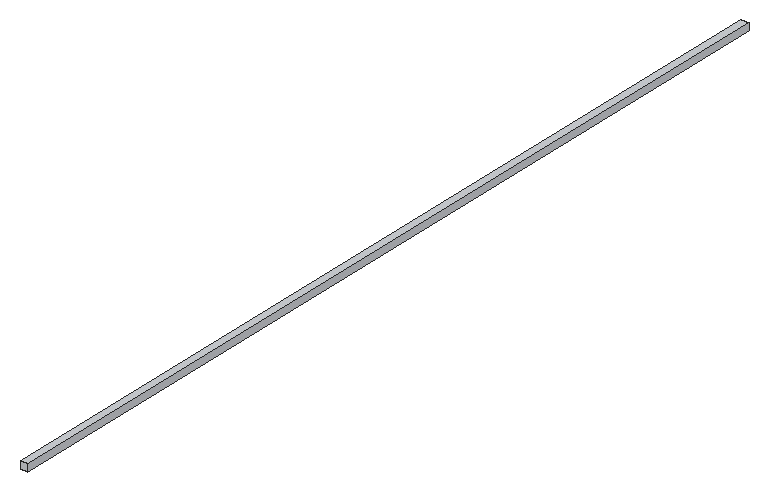
Revit family "SR 2010 KSS", category Lighting Fixtures, host Face, Revit 2016
Family settings
  Host = Face
  Part Type = Normal
  Round Connector Dimension = Use Diameter
  Cut with Voids When Loaded = No
  Light Source = Yes
  Shared = No
  Room Calculation Point = No
Parameters (values of type "SRKSS.2010.57.30")
  Wattage Comments = "57"
  Wattage = 20.5329 W
  built-in parameter 1150110 = 1 (stored number, unit not read)
  Type Image = SR 2010 KSS.JPG
  built-in parameter 1114217 = 1 (stored number, unit not read)
  built-in parameter 1150109 = 1 (stored number, unit not read)
  built-in parameter 1150134 = (empty or 0)
  built-in parameter 1150113 = 1 (stored number, unit not read)
  Manufacturer = "ARLIGHT"
  built-in parameter 1150105 = 970.85 (stored number, unit not read)
  Lumens = 3050 lm
  built-in parameter 1150115 = 1 (stored number, unit not read)
  Light Source Symbol Size = 609.6 mm
  built-in parameter 1150137 = (empty or 0)
  built-in parameter 1150139 = (empty or 0)
  built-in parameter 1150112 = 1 (stored number, unit not read)
  built-in parameter 1150114 = 1 (stored number, unit not read)
  built-in parameter 1150132 = 2
  built-in parameter 1150102 = (empty or 0)
  built-in parameter 1150107 = 3000 (stored number, unit not read)
  built-in parameter 1150138 = (empty or 0)
  built-in parameter 1150106 = 9.7085 (stored number, unit not read)
  Emit from Rectangle Width = 40 mm
  Emit from Rectangle Length = 2000 mm
  Emit Shape Visible in Rendering = no
  built-in parameter 1150104 = 13.8 (stored number, unit not read)
  Dimming Lamp Color Temperature Shift = <None>
  Default Elevation = 1219.2 mm
  Color Filter = 16777215
  built-in parameter 1114218 = 1 (stored number, unit not read)
  built-in parameter 1150133 = 10 (stored number, unit not read)
Types (3, lengths in mm): name | Wattage | built-in parameter 1150134 | built-in parameter 1150105 | Lumens | built-in parameter 1150107 | built-in parameter 1150106
  (no name) | 20.5329 W | (empty or 0) | 970.85 (stored number, unit not read) | 3050 lm | 3000 (stored number, unit not read) | 9.7085 (stored number, unit not read)
  SRKSS.2010.57.30 | 20.5329 W | (empty or 0) | 970.85 (stored number, unit not read) | 3050 lm | 3000 (stored number, unit not read) | 9.7085 (stored number, unit not read)
  SRKSS.2010.57.40 | 24.9088 W | 12 | 1177.7 (stored number, unit not read) | 3700 lm | 4000 (stored number, unit not read) | 11.777 (stored number, unit not read)
Reference planes
  plane 1 "Center (Front/Back)": y = 0
  plane 2: z = 0
  plane 3 "Center (Left/Right)": x = 0
Forms (mm)
  Extrusion 1, solid
    sketch origin (0, 0, 0) x (1, 0, 0) y (0, 0, 1)
      loop
        line (-12.251, 0) -> (11.265, 0) -> (11.265, 20.518) -> (-12.251, 20.518) -> (-12.251, 0)
    from -1334.728 to 1442.671
Dimensions and locks
  aligned and locked: plane 2 to host face
  aligned and locked: level to host face
Connectors
  electrical at (0, 0, 0)
    settings: index 1, voltage 0 V, apparent load 0 VA, apparent load phase1 0 VA, apparent load phase2 0 VA, apparent load phase3 0 VA, power factor 1, load classification "Other", number of poles 1, system type 31, power factor state 1, is connector primary yes, connector utility no, sub classification motor no, connector description ""
